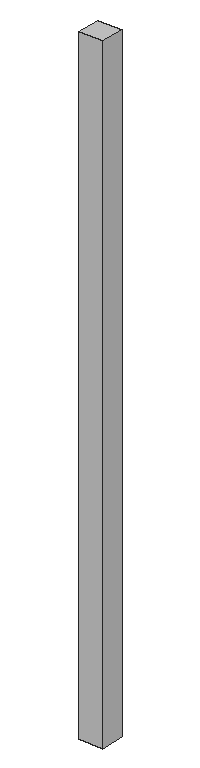
Revit family "Haworth_EncloseFrameless_Accessories_WallTransitionPost", category Furniture Systems, Revit 2018
Family settings
  Round Connector Dimension = Use Diameter
  Part Type = Normal
  OmniClass Number = 23.25.40.14
  OmniClass Title = Demountable Partitions
  Work Plane-Based = No
  Always vertical = Yes
  Cut with Voids When Loaded = No
  Shared = No
  Room Calculation Point = No
Parameters (values of type "3 Way - 90")
  Warranty = "http://www.haworth.com/resources/product-info/warranties"
  URL - Product = "http://www.haworth.com/products/architectural-interiors/moveable-walls/enclose"
  Type Comments = ""
  Sustainability Info = "http://www.haworth.com/company-info/sustainablility"
  Model = "Haworth - Enclose Frameless"  # constant formula
  Min/Max Height = "84-144 in."  # constant formula
  Min. Height = 84"  # constant formula
  Max. Height = 144"  # constant formula
  Material Options = "http://surfaces.haworth.com/"
  Width = 4"
  URL = "www.haworth.com"
  Revision Number = "3"  # constant formula
  Manufacturer = "Haworth"  # constant formula
  Height = 108"
  Frame Finish = Haworth _ Metal _ Brushed Aluminum
  Description = "Accessories - Wall Transition Post"  # constant formula
  Depth = 4"  # constant formula
  Author = "SHAPE Environments, LLC"  # constant formula
  Assembly Code = "C1010200"
  Actual Height = if(Height < Min. Height, Min. Height, if(Height > Max. Height, Max. Height, Height))  # 108"
Types (2): name | Width
  3 Way - 90 | 4"
  2 Way - 90 | 2.69"
Reference planes (in)
  plane 1 "Center F/B": y = -0.92921
  plane 2: z = 0
  plane 3 "Center L/R": x = 1.1802
  plane 4: y = 1.07079
  plane 5: y = -2.92921
  plane 6 "Top": z = 108
  plane 7 "Right": x = 5.1802
Forms (in)
  Extrusion 1, solid, material "Haworth _ Metal _ Brushed Aluminum" <- "Frame Finish"
    sketch origin (0, 0, 0) x (1, 0, 0) y (0, 1, 0)
      loop
        line (1.1802, 1.07079) -> (1.1802, -2.92921) -> (5.1802, -2.92921) -> (5.1802, 1.07079) -> (1.1802, 1.07079)
    from 0 to 108
Dimensions and locks (in)
  equal spacing: plane 4, plane 1 "Center F/B", plane 5
  "Depth": plane 4 to plane 5
  "Actual Height": plane 6 "Top" to plane 2
  "Width": plane 3 "Center L/R" to plane 7 "Right"
  aligned and locked: plane 3 "Center L/R" to Extrusion 1 sketch curve
  aligned and locked: Extrusion 1 sketch curve to plane 4
  aligned and locked: plane 5 to Extrusion 1 sketch curve
  aligned and locked: Extrusion 1 sketch curve to plane 7 "Right"
  aligned and locked: plane 6 "Top" to Extrusion 1
